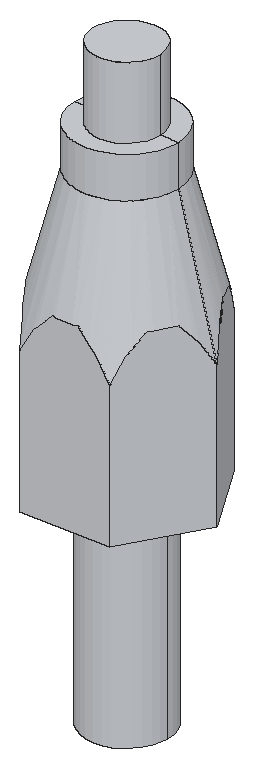
Revit family "Gripple Trapeze Plus Accessory", category Specialty Equipment, Revit 2017
Family settings
  Round Connector Dimension = Use Diameter
  Part Type = Normal
  Work Plane-Based = Yes
  Always vertical = Yes
  Cut with Voids When Loaded = No
  Shared = Yes
  Room Calculation Point = No
Parameters (values of type "MTZ2")
  WD/2 = WD / 2  # 1 mm
  WD = 2 mm
  total length [instance] = 159 mm
  UL = 59 mm
  TTD = 6.5 mm
  Schedule Level [instance] = ""
  Schedule Discipline [instance] = ""
  Schedule Area [instance] = ""
  MTL = 20 mm
  MTD = 8 mm
  KNW = 4 mm
  KND = 10 mm
  HH = 14 mm
  BNT = UL - MTL  # 39 mm
  BH = 28 mm
  Go To URL [instance] = "http://www.gripple.co.uk/gb/en/p20/a6/trapeze-plus"
  URL = "http://www.gripple.co.uk/gb/en/p20/a6/trapeze-plus"
  Model = "Trapeze Plus No2"
  Manufacturer = "Gripple Ltd"  # constant formula
  Default Elevation = 0 mm
  Assembly Code = "MTZ2"
  AF = 15 mm
  AC = ((2 / 3) * (sqrt(3)) * AF)  # 17.321 mm
Types (3, lengths in mm): name | WD/2 | WD | total length | UL | TTD | MTD | KND | HH | BNT | BH | Model | Assembly Code | AF | AC
  MTZ3 | 1.5 | 3 | 163 | 63 | 7.5 | 10 | 10 | 15 | 43 | 34 | "Trapeze Plus No3" | "MTZ3" | 17 | 19.63
  MTZ2 | 1 | 2 | 159 | 59 | 6.5 | 8 | 10 | 14 | 39 | 28 | "Trapeze Plus No2" | "MTZ2" | 15 | 17.321
  MTZ4 | 2.4 | 4.8 | 173.5 | 73.5 | 9.5 | 10 | 14 | 18 | 53.5 | 38 | "Trapeze Plus No4" | "MTZ4" | 22 | 25.403
Reference planes
  plane 1 "Center (Front/Back)": y = 0
  plane 2: z = 0
  plane 3 "Center (Left/Right)": x = 0
  plane 4: x = -4
  plane 5: x = 4
  plane 6 "bottom": z = -20
  plane 7: y = 7.5
  plane 8: y = -7.5
  plane 9 "top of hex": z = 14
  plane 10: z = 28
  plane 11: z = 32
  plane 12: z = 39
  plane 13: x = -5
  plane 14: x = 5
  plane 15: x = -3.25
  plane 16: x = 3.25
  plane 17: x = -8.66
  plane 18: x = 8.66
Forms (mm)
  Extrusion 1, solid, detail levels medium+fine
    sketch origin (0, 0, -20) x (-1, 0, 0) y (0, -1, 0)
      loop
        line (4.33, -7.5) -> (8.66, 0) -> (4.33, 7.5) -> (-4.33, 7.5) -> (-8.66, 0) -> (-4.33, -7.5) -> (4.33, -7.5)
    from 0 to 59 <- "UL"
  Revolve 2, void, detail levels medium+fine
    sketch origin (0, 0, 0) x (1, 0, 0) y (0, 0, 1)
      loop
        line (-8.66, 14) -> (-5, 28) -> (-5, 32) -> (-3.25, 32) -> (-3.25, 39) -> (-8.66, 39) -> (-8.66, 14)
      axis (0, 39) -> (0, 14)
    angle from 0 to 360
  Revolve 3, void, detail levels medium+fine
    sketch origin (0, 0, 0) x (1, 0, 0) y (0, 0, 1)
      loop
        line (-8.66, 0) -> (-8.66, -20) -> (-4, -20) -> (-4, 0) -> (-8.66, 0)
      axis (0, -20) -> (0, 0)
    angle from 0 to 360
Cuts and joins
  Revolve 2, Revolve 3 cuts Extrusion 1
Lines and regions (mm)
  model lines
    curve 1: line (0, 0, 100) -> (0, 0, -20)
Dimensions and locks
  equal spacing: plane 4, plane 3 "Center (Left/Right)", plane 5
  "MTD": plane 4 to plane 5
  "MTL": level to plane 6 "bottom"
  equal spacing: plane 7, plane 1 "Center (Front/Back)", plane 8
  "AF": plane 7 to plane 8
  "HH": plane 9 "top of hex" to level
  "BH": plane 10 to level
  "KNW": plane 11 to plane 10
  equal spacing: plane 14, plane 3 "Center (Left/Right)", plane 13
  equal spacing: plane 16, plane 3 "Center (Left/Right)", plane 15
  "TTD": plane 16 to plane 15
  equal spacing: plane 18, plane 3 "Center (Left/Right)", plane 17
  "AC": plane 18 to plane 17
  "UL": plane 12 to plane 6 "bottom"
  "AF": Extrusion 1 sketch curve to Extrusion 1 sketch curve  (x2)
  equal spacing: Extrusion 1 sketch curve, plane 3 "Center (Left/Right)", Extrusion 1 sketch curve
  "KND": plane 14 to plane 13
  aligned and locked: level to plane 2
  aligned and locked: plane 7 to Extrusion 1 sketch curve
  aligned and locked: Extrusion 1 sketch curve to plane 8
  aligned and locked: Revolve 2 sketch curve to plane 12
  aligned and locked: Revolve 2 sketch curve to plane 13
  aligned and locked: plane 11 to Revolve 2 sketch curve
  aligned and locked: Revolve 2 sketch curve to plane 15
  aligned and locked: level to Revolve 3 sketch curve
  aligned and locked: Revolve 3 sketch curve to plane 4
  aligned and locked: Revolve 3 sketch curve to plane 6 "bottom"
  aligned and locked: Revolve 3 sketch curve to plane 17
  aligned and locked: Revolve 2 sketch curve to Revolve 2 sketch curve
  aligned and locked: plane 17 to Revolve 2 sketch curve
  aligned and locked: curve 1 to plane 3 "Center (Left/Right)"
  aligned and locked: plane 6 "bottom" to curve 1
Automatic sketch dimensions
  plane 1 "Center (Front/Back)" to Extrusion 1 sketch curve = 0 mm  (x2)
  Extrusion 1 sketch curve to plane 18 = 0 mm
  Revolve 3 sketch curve to plane 3 "Center (Left/Right)" = 0 mm
  Revolve 3 sketch curve to plane 6 "bottom" = 0 mm
  Revolve 3 sketch curve to plane 12 = 0 mm
  Revolve 2 sketch curve to plane 3 "Center (Left/Right)" = 0 mm
  Revolve 2 sketch curve to plane 6 "bottom" = 0 mm
  Revolve 2 sketch curve to plane 9 "top of hex" = 0 mm
  Revolve 2 sketch curve to plane 10 = 0 mm
  plane 12 to curve 1 = 61 mm
